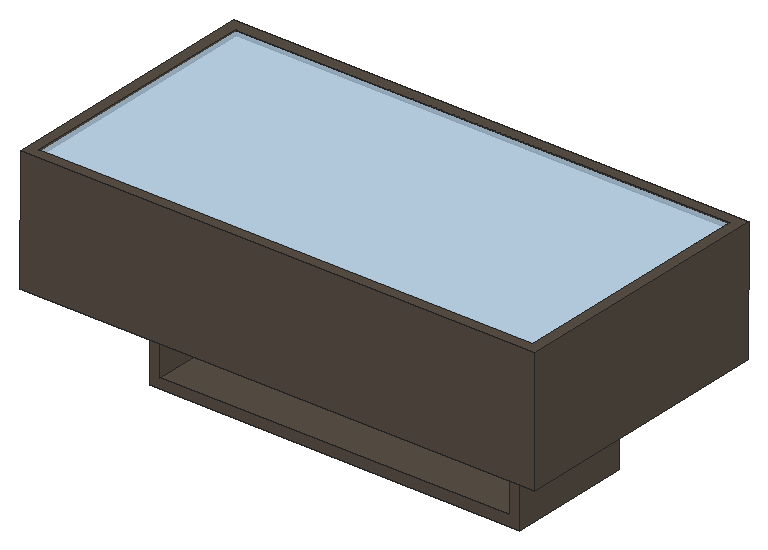
Revit family
Reference planes (in)
  plane 1 "Center Front/Back": y = 0
  plane 2: z = 0
  plane 3 "Center Left/Right": x = 0
  plane 4 "Side": y = -6
  plane 5 "Bottom": z = 9
  plane 6: y = -12
  plane 7: y = 12
  plane 8: x = -24
  plane 9: x = 24
  plane 10 "Top": z = 19.5
  plane 11 "Glass": z = 20.5
Forms (in)
  Extrusion 1, solid, material "Wood"
    sketch origin (0, -6, 0) x (-1, 0, 0) y (0, 0, 1)
      loop
        line (-18, 9) -> (-18, 0) -> (18, 0) -> (18, 9) -> (-18, 9)
      loop
        line (-17, 8) -> (-17, 1) -> (17, 1) -> (17, 8) -> (-17, 8)
    from 0 to 12
  Extrusion 2, solid, material "Wood"
    sketch origin (0, 0, 9) x (0, -1, 0) y (1, 0, 0)
      loop
        line (-12, -24) -> (12, -24) -> (12, 24) -> (-12, 24) -> (-12, -24)
    from 0 to 1
  Extrusion 3, solid, material "Wood"
    sketch origin (0, 0, 9) x (0, -1, 0) y (1, 0, 0)
      loop
        line (-13, -25) -> (13, -25) -> (13, 25) -> (-13, 25) -> (-13, -25)
      loop
        line (-12, -24) -> (12, -24) -> (12, 24) -> (-12, 24) -> (-12, -24)
    from 0 to 12
  Extrusion 4, solid
    sketch origin (0, 0, 19.5) x (0, 1, 0) y (-1, 0, 0)
      loop
        line (12, 24) -> (-12, 24) -> (-12, -24) -> (12, -24) -> (12, 24)
    from 0 to 1
  Extrusion 5, solid, material "Glass Surface"
    sketch origin (0, 0, 20.5) x (-1, 0, 0) y (0, -1, 0)
      loop
        line (24, -12) -> (24, 12) -> (-24, 12) -> (-24, -12) -> (24, -12)
    from 0 to 0.375
Lines and regions (in)
  model lines
    curve 1: line (18, -6, 0) -> (-18, -6, 0)
    curve 2: line (17, -6, 1) -> (-17, -6, 1)
    curve 3: line (-24, 12, 9) -> (-24, 13, 9)
    curve 4: line (-24, 13, 9) -> (24, 13, 9)
    curve 5: line (24, 13, 9) -> (25, 13, 9)
    curve 6: line (25, 13, 9) -> (25, -12, 9)
    curve 7: line (25, -12, 9) -> (25, -13, 9)
    curve 8: line (25, -13, 9) -> (-24, -13, 9)
    curve 9: line (-24, -13, 9) -> (-25, -13, 9)
    curve 10: line (-25, -13, 9) -> (-25, 13, 9)
    curve 11: line (-25, 13, 9) -> (-24, 13, 9)
